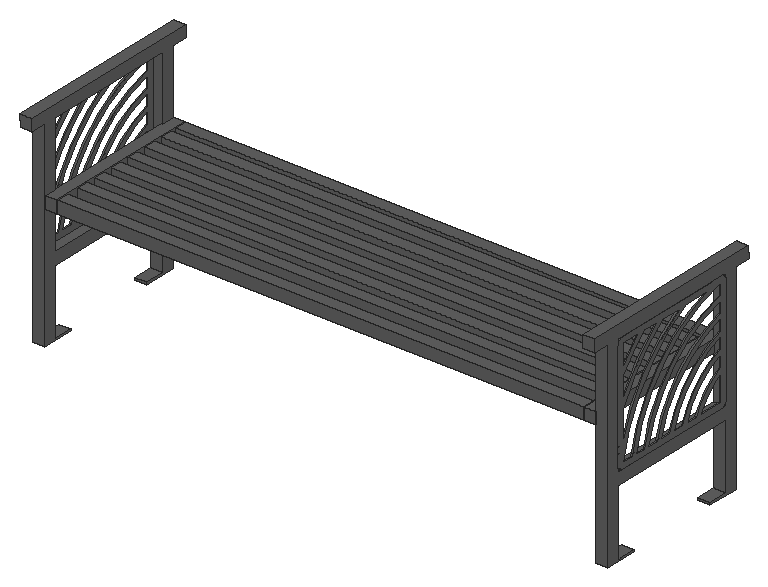
Revit family (continued)
Definition of nested family "Panel-Seat-SiteScapes-Square Tube"
  Automatic sketch dimensions
    Sweep 8 sketch curve to Sweep 8 sketch curve = 0' - 1 1/2"
    plane 4 "Inside Left" to Masking region 9 sketch curve = 0' - 0.09772"
    Masking region 9 sketch curve to plane 5 "Inside Right" = 0' - 0.09772"
    Masking region 9 sketch curve to plane 10 "Front Offset" = 0' - 1.92428"
    Masking region 9 sketch curve to plane 10 "Front Offset" = 0' - 0.42428"
    Masking region 9 sketch curve to plane 11 "Back Offset" = 0' - 0.39178"
    plane 11 "Back Offset" to Masking region 9 sketch curve = 0' - 1.10822"
    Masking region 2 sketch curve to level = 0' - 0"
    Masking region 2 sketch curve to plane 6 "Front" = 0' - 0"
    Masking region 2 sketch curve to plane 9 "Front Depth" = 0' - 0"
    Masking region 2 sketch curve to plane 7 "Top" = 0' - 0"
    Masking region 10 sketch curve to level = 0' - 0"
    Masking region 10 sketch curve to plane 7 "Top" = 0' - 0"
    Masking region 10 sketch curve to plane 10 "Front Offset" = 0' - 1.92428"
    Masking region 10 sketch curve to plane 10 "Front Offset" = 0' - 0.42428"
    Masking region 11 sketch curve to level = 0' - 0"
    Masking region 11 sketch curve to plane 7 "Top" = 0' - 0"
    Masking region 11 sketch curve to plane 11 "Back Offset" = 0' - 0.37803"
    plane 11 "Back Offset" to Masking region 11 sketch curve = 0' - 1.12197"
    plane 21 to Masking region 9 sketch curve = 0' - 0.09772"
    plane 20 "Bar Left" to Masking region 9 sketch curve = 0' - 0.09772"
    Sweep 9 sketch curve to plane 20 "Bar Left" = 0' - 0"
    plane 22 to Sweep 9 sketch curve = 0' - 0"
    plane 23 to Sweep 9 sketch curve = 0' - 0"
    Sweep 10 sketch curve to plane 5 "Inside Right" = 0' - 0"
    plane 22 to Sweep 10 sketch curve = 0' - 0"
    plane 23 to Sweep 10 sketch curve = 0' - 0"
    Sweep 10 sketch curve to level = 0' - 0"
    Sweep 10 sketch curve to profile plane = 0' - 0"
    profile plane to Sweep 10 sketch curve = 0' - 1 1/2"
    level to Sweep 10 sketch curve = 0' - 1 1/2"
    plane 1 "Center (Front/Back)" to curve 10 = 0' - 0.7375"
    curve 9 to plane 17 = 0' - 0 3/4"
    curve 8 to plane 15 = 0' - 0 3/4"
    curve 7 to plane 13 = 0' - 0 3/4"
    curve 6 to plane 8 "BacK Depth" = 0' - 0 3/4"
    plane 6 "Front" to curve 5 = 0' - 0.64"
    plane 22 to curve 3 = 0' - 0"
    plane 11 "Back Offset" to curve 1 = 0' - 0.35822"
    curve 2 to plane 22 = 0' - 0 3/4"
    curve 5 to plane 20 "Bar Left" = 0' - 0.65228"
    plane 5 "Inside Right" to curve 2 = 0' - 0.65228"
Types (2): name | Side Panel Width | Seat Panel Width | Product Documentation Link | Panel Seat Width | Panel Back Width | Model | Length | Frame Width | Description | 03 Seat Panel
  JC1-1100 | 6' - 0" | 5' - 6" | "http://www.sitescapesonline.com/PDF/JC1-1100%20-%20Customer%20Print.pdf" | 5' - 6" | 5' - 7" | "JC1-1100" | 6' - 0" | 5' - 9" | "Jordan Creek Pattern, Backless Bench, Six foot length, Steel Bar Ends" | Panel-Seat-SiteScapes-Square Tube : Square_Tube_Seat-6ft
  JC1-2100 | 8' - 0" | 7' - 6" | "http://www.sitescapesonline.com/PDF/JC1-2100%20-%20Customer%20Print.pdf" | 7' - 6" | 7' - 7" | "JC1-2100" | 8' - 0" | 7' - 9" | "Jordan Creek Pattern, Backless Bench, Eight foot length, Steel Bar Ends" | Panel-Seat-SiteScapes-Square Tube : Square_Tube_Seat-8ft
